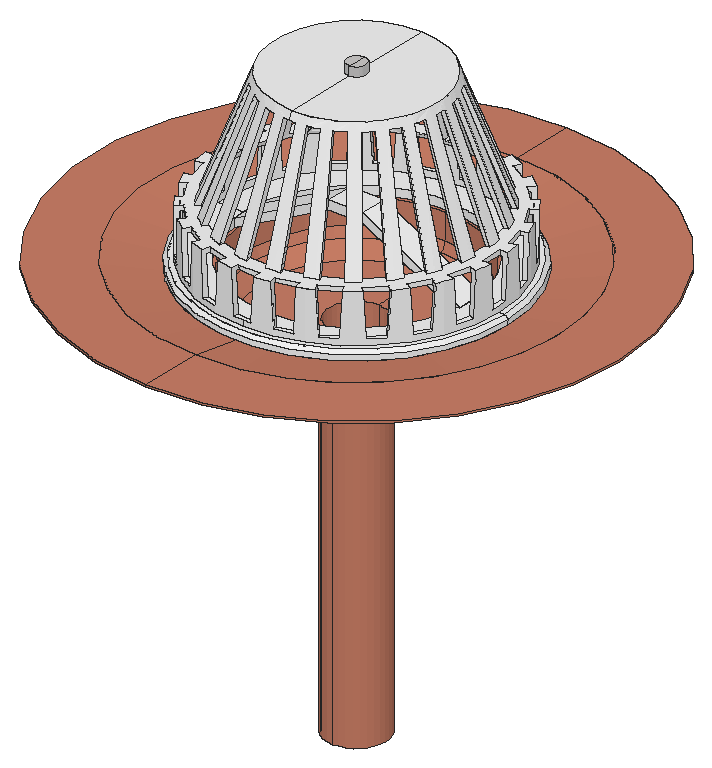
Revit family "Plumbing_Drainage_Menzies-Metal_Clamp-Tite_Copper-Drain_Small-Bowl (1)", category Plumbing Fixtures, host Face, Revit 2018
Family settings
  Host = Face
  Round Connector Dimension = Use Diameter
  Part Type = Normal
  OmniClass Number = 23.70.50.21.24.11
  OmniClass Title = Roof Waste Water Drains
  Cut with Voids When Loaded = No
  Shared = No
  Room Calculation Point = No
Parameters (values of type "2"")
  Weight = 4.05 lbf
  URL = "https://www.menzies-metal.com/"
  Product data url = "https://bimobject.com/menzies-metal/product/clamptite-copper-smallbowl"
  Product Material = Metal - Menzies Metal Products - Copper
  Product Guid = "76b443be-9627-40ef-aff5-f8327594387a"
  Pipe Length Note = "Longer pipes available.  Pipes can be field cut to the desired length."  # constant formula
  Pipe Length = 0' - 10 7/8"
  Pipe Diameter = 1 3/4"
  Model = "300-3150"
  Manufacturer = "Menzies Metal Products"  # constant formula
  Edition number = 1
  Drain Flow = 0 GPM
  Description = "Clamp-Tite Spun Copper Drain Small Bowl"  # constant formula
  Default Elevation = 4' - 0"
  Assembly Code = "D2040200"
Types (3): name | Weight | Pipe Diameter | Model
  2" | 4.05 lbf | 1 3/4" | "300-3150"
  3" | 4.95 lbf | 2 3/4" | "300-3155"
  4" | 5.50 lbf | 3 3/4" | "300-3160"
Reference planes (in)
  plane 1 "Center (Front/Back)": y = 0
  plane 2: z = 0
  plane 3 "Center (Left/Right)": x = 0
  plane 4: z = -12.545
  plane 5: y = 0.875
  plane 6: y = -0.875
  plane 7: y = 0.40591
  plane 8: y = -0.40591
  plane 9: z = -1.67
  plane 10: z = 0.05867
Forms (in)
  Revolve 1, solid, material "Metal - Menzies Metal Products - Aluminum", detail levels coarse
    sketch origin (0, 0, 0) x (0, 1, 0) y (0, 0, 1)
      loop
        line (2.40013, 4.98) -> (0, 4.98) -> (0, 0.05387) -> (4.23823, 0.05387) -> (4.23823, 1.48) -> (3.74365, 1.48) -> (2.40013, 4.98)
      axis (0, 4.98) -> (0, 0.05387)
    angle from 0 to 360
  Revolve 2, solid, material "Metal - Menzies Metal Products - Copper" <- "Product Material", detail levels coarse
    sketch origin (0, 0, 0) x (0, 1, 0) y (0, 0, 1)
      loop
        line (7.812, 0.05) -> (0, 0.05) -> (0, -12.545) -> (0.875, -12.545) -> (0.875, -1.67) -> (2.81, -1.67) -> (3.34368, -1.13632) -> (3.34368, -0.25) -> (4.5, -0.25) -> (6, 0) -> (7.812, 0) -> (7.812, 0.05)
      axis (0, 0.05) -> (0, -12.545)
    angle from 0 to 360
  Revolve 3, solid, material "Metal - Menzies Metal Products - Stainless Steel", detail levels medium+fine
    sketch origin (0, 0, 0) x (0, 1, 0) y (0, 0, 1)
      loop
        line (0.27255, 5.23) -> (0, 5.23) -> (0, 0.98) -> (0.11813, 0.98) -> (0.11813, 4.98) -> (0.27255, 4.98) -> (0.27255, 5.23)
      axis (0, 5.23) -> (0, 0.98)
    angle from 0 to 360
  Revolve 4, solid, material "Metal - Menzies Metal Products - Aluminum", detail levels medium+fine
    sketch origin (0, 0, 0) x (0, 1, 0) y (0, 0, 1)
      loop
        line (2.40013, 4.98) -> (0, 4.98) -> (0, 4.855) -> (2.31422, 4.855) -> (3.65774, 1.355) -> (4.11323, 1.355) -> (4.11323, 0.05387) -> (4.23823, 0.05387) -> (4.23823, 1.48) -> (3.74365, 1.48) -> (2.40013, 4.98)
      axis (0, 4.98) -> (0, 0.05387)
    angle from 0 to 360
  Extrusion 5, void
    sketch origin (0, 0, 0) x (-1, 0, 0) y (0, 0, 1)
      loop
        line (0.17396, 4.76) -> (-0.17396, 4.76) -> (-0.2885, 1.48) -> (0.2885, 1.48) -> (0.17396, 4.76)
    from -4.68215 to -1.5
  Extrusion 6, void
    sketch origin (0, 0, 0) x (1, 0, 0) y (0, 0, 1)
      loop
        line (-0.25077, 0.23171) -> (0.25077, 0.23171) -> (0.31619, 1.48) -> (-0.31619, 1.48) -> (-0.25077, 0.23171)
    from 4.0004 to 4.40138
  Extrusion 7, void
    sketch origin (0, 0, 0) x (-0.965926, -0.258819, 0) y (0, 0, 1)
      loop
        line (0.17396, 4.76) -> (-0.17396, 4.76) -> (-0.2885, 1.48) -> (0.2885, 1.48) -> (0.17396, 4.76)
    from -4.68215 to -1.5
  Extrusion 8, void
    sketch origin (0, 0, 0) x (0.965926, 0.258819, 0) y (0, 0, 1)
      loop
        line (-0.25077, 0.23171) -> (0.25077, 0.23171) -> (0.31619, 1.48) -> (-0.31619, 1.48) -> (-0.25077, 0.23171)
    from 4.0004 to 4.40138
  Extrusion 9, void
    sketch origin (0, 0, 0) x (-0.866025, -0.5, 0) y (0, 0, 1)
      loop
        line (0.17396, 4.76) -> (-0.17396, 4.76) -> (-0.2885, 1.48) -> (0.2885, 1.48) -> (0.17396, 4.76)
    from -4.68215 to -1.5
  Extrusion 10, void
    sketch origin (0, 0, 0) x (0.866025, 0.5, 0) y (0, 0, 1)
      loop
        line (-0.25077, 0.23171) -> (0.25077, 0.23171) -> (0.31619, 1.48) -> (-0.31619, 1.48) -> (-0.25077, 0.23171)
    from 4.0004 to 4.40138
  Extrusion 11, void
    sketch origin (0, 0, 0) x (-0.707107, -0.707107, 0) y (0, 0, 1)
      loop
        line (0.17396, 4.76) -> (-0.17396, 4.76) -> (-0.2885, 1.48) -> (0.2885, 1.48) -> (0.17396, 4.76)
    from -4.68215 to -1.5
  Extrusion 12, void
    sketch origin (0, 0, 0) x (0.707107, 0.707107, 0) y (0, 0, 1)
      loop
        line (-0.25077, 0.23171) -> (0.25077, 0.23171) -> (0.31619, 1.48) -> (-0.31619, 1.48) -> (-0.25077, 0.23171)
    from 4.0004 to 4.40138
  Extrusion 13, void
    sketch origin (0, 0, 0) x (-0.5, -0.866025, 0) y (0, 0, 1)
      loop
        line (0.17396, 4.76) -> (-0.17396, 4.76) -> (-0.2885, 1.48) -> (0.2885, 1.48) -> (0.17396, 4.76)
    from -4.68215 to -1.5
  Extrusion 14, void
    sketch origin (0, 0, 0) x (0.5, 0.866025, 0) y (0, 0, 1)
      loop
        line (-0.25077, 0.23171) -> (0.25077, 0.23171) -> (0.31619, 1.48) -> (-0.31619, 1.48) -> (-0.25077, 0.23171)
    from 4.0004 to 4.40138
  Extrusion 15, void
    sketch origin (0, 0, 0) x (-0.258819, -0.965926, 0) y (0, 0, 1)
      loop
        line (0.17396, 4.76) -> (-0.17396, 4.76) -> (-0.2885, 1.48) -> (0.2885, 1.48) -> (0.17396, 4.76)
    from -4.68215 to -1.5
  Extrusion 16, void
    sketch origin (0, 0, 0) x (0.258819, 0.965926, 0) y (0, 0, 1)
      loop
        line (-0.25077, 0.23171) -> (0.25077, 0.23171) -> (0.31619, 1.48) -> (-0.31619, 1.48) -> (-0.25077, 0.23171)
    from 4.0004 to 4.40138
  Extrusion 17, void
    sketch origin (0, 0, 0) x (0, -1, 0) y (0, 0, 1)
      loop
        line (0.17396, 4.76) -> (-0.17396, 4.76) -> (-0.2885, 1.48) -> (0.2885, 1.48) -> (0.17396, 4.76)
    from -4.68215 to -1.5
  Extrusion 18, void
    sketch origin (0, 0, 0) x (0, 1, 0) y (0, 0, 1)
      loop
        line (-0.25077, 0.23171) -> (0.25077, 0.23171) -> (0.31619, 1.48) -> (-0.31619, 1.48) -> (-0.25077, 0.23171)
    from 4.0004 to 4.40138
  Extrusion 19, void
    sketch origin (0, 0, 0) x (0.258819, -0.965926, 0) y (0, 0, 1)
      loop
        line (0.17396, 4.76) -> (-0.17396, 4.76) -> (-0.2885, 1.48) -> (0.2885, 1.48) -> (0.17396, 4.76)
    from -4.68215 to -1.5
  Extrusion 20, void
    sketch origin (0, 0, 0) x (-0.258819, 0.965926, 0) y (0, 0, 1)
      loop
        line (-0.25077, 0.23171) -> (0.25077, 0.23171) -> (0.31619, 1.48) -> (-0.31619, 1.48) -> (-0.25077, 0.23171)
    from 4.0004 to 4.40138
  Extrusion 21, void
    sketch origin (0, 0, 0) x (0.5, -0.866025, 0) y (0, 0, 1)
      loop
        line (0.17396, 4.76) -> (-0.17396, 4.76) -> (-0.2885, 1.48) -> (0.2885, 1.48) -> (0.17396, 4.76)
    from -4.68215 to -1.5
  Extrusion 22, void
    sketch origin (0, 0, 0) x (-0.5, 0.866025, 0) y (0, 0, 1)
      loop
        line (-0.25077, 0.23171) -> (0.25077, 0.23171) -> (0.31619, 1.48) -> (-0.31619, 1.48) -> (-0.25077, 0.23171)
    from 4.0004 to 4.40138
  Extrusion 23, void
    sketch origin (0, 0, 0) x (0.707107, -0.707107, 0) y (0, 0, 1)
      loop
        line (0.17396, 4.76) -> (-0.17396, 4.76) -> (-0.2885, 1.48) -> (0.2885, 1.48) -> (0.17396, 4.76)
    from -4.68215 to -1.5
  Extrusion 24, void
    sketch origin (0, 0, 0) x (-0.707107, 0.707107, 0) y (0, 0, 1)
      loop
        line (-0.25077, 0.23171) -> (0.25077, 0.23171) -> (0.31619, 1.48) -> (-0.31619, 1.48) -> (-0.25077, 0.23171)
    from 4.0004 to 4.40138
  Extrusion 25, void
    sketch origin (0, 0, 0) x (0.866025, -0.5, 0) y (0, 0, 1)
      loop
        line (0.17396, 4.76) -> (-0.17396, 4.76) -> (-0.2885, 1.48) -> (0.2885, 1.48) -> (0.17396, 4.76)
    from -4.68215 to -1.5
  Extrusion 26, void
    sketch origin (0, 0, 0) x (-0.866025, 0.5, 0) y (0, 0, 1)
      loop
        line (-0.25077, 0.23171) -> (0.25077, 0.23171) -> (0.31619, 1.48) -> (-0.31619, 1.48) -> (-0.25077, 0.23171)
    from 4.0004 to 4.40138
  Extrusion 27, void
    sketch origin (0, 0, 0) x (0.965926, -0.258819, 0) y (0, 0, 1)
      loop
        line (0.17396, 4.76) -> (-0.17396, 4.76) -> (-0.2885, 1.48) -> (0.2885, 1.48) -> (0.17396, 4.76)
    from -4.68215 to -1.5
  Extrusion 28, void
    sketch origin (0, 0, 0) x (-0.965926, 0.258819, 0) y (0, 0, 1)
      loop
        line (-0.25077, 0.23171) -> (0.25077, 0.23171) -> (0.31619, 1.48) -> (-0.31619, 1.48) -> (-0.25077, 0.23171)
    from 4.0004 to 4.40138
  Extrusion 29, void
    sketch origin (0, 0, 0) x (1, 0, 0) y (0, 0, 1)
      loop
        line (0.17396, 4.76) -> (-0.17396, 4.76) -> (-0.2885, 1.48) -> (0.2885, 1.48) -> (0.17396, 4.76)
    from -4.68215 to -1.5
  Extrusion 30, void
    sketch origin (0, 0, 0) x (-1, 0, 0) y (0, 0, 1)
      loop
        line (-0.25077, 0.23171) -> (0.25077, 0.23171) -> (0.31619, 1.48) -> (-0.31619, 1.48) -> (-0.25077, 0.23171)
    from 4.0004 to 4.40138
  Extrusion 31, void
    sketch origin (0, 0, 0) x (0.965926, 0.258819, 0) y (0, 0, 1)
      loop
        line (0.17396, 4.76) -> (-0.17396, 4.76) -> (-0.2885, 1.48) -> (0.2885, 1.48) -> (0.17396, 4.76)
    from -4.68215 to -1.5
  Extrusion 32, void
    sketch origin (0, 0, 0) x (-0.965926, -0.258819, 0) y (0, 0, 1)
      loop
        line (-0.25077, 0.23171) -> (0.25077, 0.23171) -> (0.31619, 1.48) -> (-0.31619, 1.48) -> (-0.25077, 0.23171)
    from 4.0004 to 4.40138
  Extrusion 33, void
    sketch origin (0, 0, 0) x (0.866025, 0.5, 0) y (0, 0, 1)
      loop
        line (0.17396, 4.76) -> (-0.17396, 4.76) -> (-0.2885, 1.48) -> (0.2885, 1.48) -> (0.17396, 4.76)
    from -4.68215 to -1.5
  Extrusion 34, void
    sketch origin (0, 0, 0) x (-0.866025, -0.5, 0) y (0, 0, 1)
      loop
        line (-0.25077, 0.23171) -> (0.25077, 0.23171) -> (0.31619, 1.48) -> (-0.31619, 1.48) -> (-0.25077, 0.23171)
    from 4.0004 to 4.40138
  Extrusion 35, void
    sketch origin (0, 0, 0) x (0.707107, 0.707107, 0) y (0, 0, 1)
      loop
        line (0.17396, 4.76) -> (-0.17396, 4.76) -> (-0.2885, 1.48) -> (0.2885, 1.48) -> (0.17396, 4.76)
    from -4.68215 to -1.5
  Extrusion 36, void
    sketch origin (0, 0, 0) x (-0.707107, -0.707107, 0) y (0, 0, 1)
      loop
        line (-0.25077, 0.23171) -> (0.25077, 0.23171) -> (0.31619, 1.48) -> (-0.31619, 1.48) -> (-0.25077, 0.23171)
    from 4.0004 to 4.40138
  Extrusion 37, void
    sketch origin (0, 0, 0) x (0.5, 0.866025, 0) y (0, 0, 1)
      loop
        line (0.17396, 4.76) -> (-0.17396, 4.76) -> (-0.2885, 1.48) -> (0.2885, 1.48) -> (0.17396, 4.76)
    from -4.68215 to -1.5
  Extrusion 38, void
    sketch origin (0, 0, 0) x (-0.5, -0.866025, 0) y (0, 0, 1)
      loop
        line (-0.25077, 0.23171) -> (0.25077, 0.23171) -> (0.31619, 1.48) -> (-0.31619, 1.48) -> (-0.25077, 0.23171)
    from 4.0004 to 4.40138
  Extrusion 39, void
    sketch origin (0, 0, 0) x (0.258819, 0.965926, 0) y (0, 0, 1)
      loop
        line (0.17396, 4.76) -> (-0.17396, 4.76) -> (-0.2885, 1.48) -> (0.2885, 1.48) -> (0.17396, 4.76)
    from -4.68215 to -1.5
  Extrusion 40, void
    sketch origin (0, 0, 0) x (-0.258819, -0.965926, 0) y (0, 0, 1)
      loop
        line (-0.25077, 0.23171) -> (0.25077, 0.23171) -> (0.31619, 1.48) -> (-0.31619, 1.48) -> (-0.25077, 0.23171)
    from 4.0004 to 4.40138
  Extrusion 41, void
    sketch origin (0, 0, 0) x (0, 1, 0) y (0, 0, 1)
      loop
        line (0.17396, 4.76) -> (-0.17396, 4.76) -> (-0.2885, 1.48) -> (0.2885, 1.48) -> (0.17396, 4.76)
    from -4.68215 to -1.5
  Extrusion 42, void
    sketch origin (0, 0, 0) x (0, -1, 0) y (0, 0, 1)
      loop
        line (-0.25077, 0.23171) -> (0.25077, 0.23171) -> (0.31619, 1.48) -> (-0.31619, 1.48) -> (-0.25077, 0.23171)
    from 4.0004 to 4.40138
  Extrusion 43, void
    sketch origin (0, 0, 0) x (-0.258819, 0.965926, 0) y (0, 0, 1)
      loop
        line (0.17396, 4.76) -> (-0.17396, 4.76) -> (-0.2885, 1.48) -> (0.2885, 1.48) -> (0.17396, 4.76)
    from -4.68215 to -1.5
  Extrusion 44, void
    sketch origin (0, 0, 0) x (0.258819, -0.965926, 0) y (0, 0, 1)
      loop
        line (-0.25077, 0.23171) -> (0.25077, 0.23171) -> (0.31619, 1.48) -> (-0.31619, 1.48) -> (-0.25077, 0.23171)
    from 4.0004 to 4.40138
  Extrusion 45, void
    sketch origin (0, 0, 0) x (-0.5, 0.866025, 0) y (0, 0, 1)
      loop
        line (0.17396, 4.76) -> (-0.17396, 4.76) -> (-0.2885, 1.48) -> (0.2885, 1.48) -> (0.17396, 4.76)
    from -4.68215 to -1.5
  Extrusion 46, void
    sketch origin (0, 0, 0) x (0.5, -0.866025, 0) y (0, 0, 1)
      loop
        line (-0.25077, 0.23171) -> (0.25077, 0.23171) -> (0.31619, 1.48) -> (-0.31619, 1.48) -> (-0.25077, 0.23171)
    from 4.0004 to 4.40138
  Extrusion 47, void
    sketch origin (0, 0, 0) x (-0.707107, 0.707107, 0) y (0, 0, 1)
      loop
        line (0.17396, 4.76) -> (-0.17396, 4.76) -> (-0.2885, 1.48) -> (0.2885, 1.48) -> (0.17396, 4.76)
    from -4.68215 to -1.5
  Extrusion 48, void
    sketch origin (0, 0, 0) x (0.707107, -0.707107, 0) y (0, 0, 1)
      loop
        line (-0.25077, 0.23171) -> (0.25077, 0.23171) -> (0.31619, 1.48) -> (-0.31619, 1.48) -> (-0.25077, 0.23171)
    from 4.0004 to 4.40138
  Extrusion 49, void
    sketch origin (0, 0, 0) x (-0.866025, 0.5, 0) y (0, 0, 1)
      loop
        line (0.17396, 4.76) -> (-0.17396, 4.76) -> (-0.2885, 1.48) -> (0.2885, 1.48) -> (0.17396, 4.76)
    from -4.68215 to -1.5
  Extrusion 50, void
    sketch origin (0, 0, 0) x (0.866025, -0.5, 0) y (0, 0, 1)
      loop
        line (-0.25077, 0.23171) -> (0.25077, 0.23171) -> (0.31619, 1.48) -> (-0.31619, 1.48) -> (-0.25077, 0.23171)
    from 4.0004 to 4.40138
  Extrusion 51, void
    sketch origin (0, 0, 0) x (-0.965926, 0.258819, 0) y (0, 0, 1)
      loop
        line (0.17396, 4.76) -> (-0.17396, 4.76) -> (-0.2885, 1.48) -> (0.2885, 1.48) -> (0.17396, 4.76)
    from -4.68215 to -1.5
  Extrusion 52, void
    sketch origin (0, 0, 0) x (0.965926, -0.258819, 0) y (0, 0, 1)
      loop
        line (-0.25077, 0.23171) -> (0.25077, 0.23171) -> (0.31619, 1.48) -> (-0.31619, 1.48) -> (-0.25077, 0.23171)
    from 4.0004 to 4.40138
  Extrusion 53, solid, material "Metal - Menzies Metal Products - Aluminum", detail levels medium+fine
    sketch origin (0, 0, 0) x (1, 0, 0) y (0, 0, 1)
      loop
        line (-3.375, 0.05) -> (-3.375, -0.19772) -> (-0.50436, 1.3) -> (0.50436, 1.3) -> (3.375, -0.19772) -> (3.375, 0.05) -> (0.5, 1.55) -> (-0.5, 1.55) -> (-3.375, 0.05)
    from -0.40591 to 0.40591
  Revolve 54, solid, material "Metal - Menzies Metal Products - Aluminum", detail levels medium+fine
    sketch origin (0, 0, 0) x (1, 0, 0) y (0, 0, 1)
      loop
        line (-3.375, -0.19772) -> (-3.375, 0.05) -> (-4.39127, 0.05) -> (-4.4953, -0.05403) -> (-4.50032, -0.19772) -> (-3.375, -0.19772)
      axis (0, 0.05) -> (0, -0.19772)
    angle from 0 to 360
  Revolve 55, solid, material "Metal - Menzies Metal Products - Copper" <- "Product Material", detail levels medium+fine
    sketch origin (0, 0, 0) x (0, 1, 0) y (0, 0, 1)
      loop
        line (0.875, -1.67) -> (2.81, -1.67) -> (3.21315, -1.26685) -> (3.34462, -0.98037) -> (3.34462, -0.25) -> (4.5, -0.25) -> (6, 0) -> (7.812, 0) -> (7.812, 0.05) -> (5.98665, 0.05) -> (4.50032, -0.19772) -> (3.28212, -0.19772) -> (3.28212, -0.96671) -> (3.16103, -1.23058) -> (2.78411, -1.6075) -> (0.82422, -1.6075) -> (0.82422, -12.545) -> (0.875, -12.545) -> (0.875, -1.67)
      axis (0, 0.05) -> (0, -12.545)
    angle from 0 to 360
  Revolve 56, void
    sketch origin (0, 0, 0) x (0, 1, 0) y (0, 0, 1)
      loop
        line (0.875, -12.545) -> (0.875, -1.67) -> (3.34469, -1.67) -> (3.34469, -0.57934) -> (6, 0) -> (0, 0) -> (0, -12.545) -> (0.875, -12.545)
      axis (0, 0) -> (0, -12.545)
    angle from 0 to 360
Cuts and joins
  Extrusion 5, Extrusion 6, Extrusion 7, Extrusion 8, Extrusion 9, Extrusion 10, Extrusion 11, Extrusion 12, Extrusion 13, Extrusion 14, Extrusion 15, Extrusion 16, Extrusion 17, Extrusion 18, Extrusion 19, Extrusion 20, Extrusion 21, Extrusion 22, Extrusion 23, Extrusion 24, Extrusion 25, Extrusion 26, Extrusion 27, Extrusion 28, Extrusion 29, Extrusion 30, Extrusion 31, Extrusion 32, Extrusion 33, Extrusion 34, Extrusion 35, Extrusion 36, Extrusion 37, Extrusion 38, Extrusion 39, Extrusion 40, Extrusion 41, Extrusion 42, Extrusion 43, Extrusion 44, Extrusion 45, Extrusion 46, Extrusion 47, Extrusion 48, Extrusion 49, Extrusion 50, Extrusion 51, Extrusion 52 cuts Revolve 4
Lines and regions (in)
  Masking region 1
    outline origin (0, 0, 0) x (1, 0, 0) y (0, 1, 0)
      loop
        circle (0, 0) r 7.812
  symbolic lines, detail levels medium+fine
    curve 1: arc (4.39127, 0, 0) -> (0, 4.39127, 0) -> (-4.39127, 0, 0) r 4.39127
    curve 2: arc (-4.39127, 0, 0) -> (0, -4.39127, 0) -> (4.39127, 0, 0) r 4.39127
  symbolic lines, style "PlumbingFixturesHiddenLines", detail levels medium+fine
    curve 3: arc (0, -0.875, 0) -> (0.875, 0, 0) -> (0, 0.875, 0) r 0.875
    curve 4: arc (0, 0.875, 0) -> (-0.875, 0, 0) -> (0, -0.875, 0) r 0.875
Dimensions and locks (in)
  Revolve 1 sketch curve to Revolve 1 sketch curve to Revolve 1 sketch curve to Revolve 1 sketch curve = 0' - 0.49457" locked, 0' - 1.34352" locked, 0' - 2.40013" locked
  Revolve 1 sketch curve to Revolve 1 sketch curve to Revolve 1 sketch curve to level = 0' - 3 1/2" locked, 0' - 1.42613" locked, 0' - 0.05387" locked
  equal spacing: plane 5, plane 1 "Center (Front/Back)", plane 6
  "Pipe Diameter": plane 5 to plane 6
  Revolve 3 sketch curve to Revolve 3 sketch curve to Revolve 3 sketch curve to Revolve 3 sketch curve = 0' - 0.15442", 0' - 0.11813" locked, 0' - 0" locked
  Revolve 3 sketch curve to Revolve 3 sketch curve to Revolve 3 sketch curve to plane 2 = 0' - 0 1/4" locked, 0' - 4" locked, 0' - 0.98" locked
  Revolve 4 sketch curve to Revolve 4 sketch curve to Revolve 4 sketch curve to Revolve 4 sketch curve to Revolve 4 sketch curve to Revolve 4 sketch curve to plane 1 "Center (Front/Back)" = 0' - 0 1/8" locked, 0' - 0.36957" locked, 0' - 0.08591" locked, 0' - 1.25761" locked, 0' - 0.08591" locked, 0' - 2.31422" locked
  Revolve 4 sketch curve to Revolve 4 sketch curve to level = 0' - 3 1/2" locked, 0' - 1.355" locked
  Extrusion 5 sketch curve to Extrusion 5 sketch curve to Extrusion 5 sketch curve to Extrusion 5 sketch curve = 0' - 0.11454", 0' - 0.34792" locked, 0' - 0.11454"
  locked: Extrusion 5 sketch curve to Extrusion 5 sketch curve at 3.28
  Extrusion 6 sketch curve to Extrusion 6 sketch curve to Extrusion 6 sketch curve to Extrusion 6 sketch curve = 0' - 0.06542" locked, 0' - 0.50155" locked, 0' - 0.06542" locked
  locked: Extrusion 6 sketch curve to Extrusion 6 sketch curve at 1.24829
  Extrusion 7 sketch curve to Extrusion 7 sketch curve to Extrusion 7 sketch curve to Extrusion 7 sketch curve = 0' - 0.11454", 0' - 0.34792" locked, 0' - 0.11454"
  locked: Extrusion 7 sketch curve to Extrusion 7 sketch curve at 3.28
  Extrusion 8 sketch curve to Extrusion 8 sketch curve to Extrusion 8 sketch curve to Extrusion 8 sketch curve = 0' - 0.06542" locked, 0' - 0.50155" locked, 0' - 0.06542" locked
  locked: Extrusion 8 sketch curve to Extrusion 8 sketch curve at 1.24829
  Extrusion 9 sketch curve to Extrusion 9 sketch curve to Extrusion 9 sketch curve to Extrusion 9 sketch curve = 0' - 0.11454", 0' - 0.34792" locked, 0' - 0.11454"
  locked: Extrusion 9 sketch curve to Extrusion 9 sketch curve at 3.28
  Extrusion 10 sketch curve to Extrusion 10 sketch curve to Extrusion 10 sketch curve to Extrusion 10 sketch curve = 0' - 0.06542" locked, 0' - 0.50155" locked, 0' - 0.06542" locked
  locked: Extrusion 10 sketch curve to Extrusion 10 sketch curve at 1.24829
  Extrusion 11 sketch curve to Extrusion 11 sketch curve to Extrusion 11 sketch curve to Extrusion 11 sketch curve = 0' - 0.11454", 0' - 0.34792" locked, 0' - 0.11454"
  locked: Extrusion 11 sketch curve to Extrusion 11 sketch curve at 3.28
  Extrusion 12 sketch curve to Extrusion 12 sketch curve to Extrusion 12 sketch curve to Extrusion 12 sketch curve = 0' - 0.06542" locked, 0' - 0.50155" locked, 0' - 0.06542" locked
  locked: Extrusion 12 sketch curve to Extrusion 12 sketch curve at 1.24829
  Extrusion 13 sketch curve to Extrusion 13 sketch curve to Extrusion 13 sketch curve to Extrusion 13 sketch curve = 0' - 0.11454", 0' - 0.34792" locked, 0' - 0.11454"
  locked: Extrusion 13 sketch curve to Extrusion 13 sketch curve at 3.28
  Extrusion 14 sketch curve to Extrusion 14 sketch curve to Extrusion 14 sketch curve to Extrusion 14 sketch curve = 0' - 0.06542" locked, 0' - 0.50155" locked, 0' - 0.06542" locked
  locked: Extrusion 14 sketch curve to Extrusion 14 sketch curve at 1.24829
  Extrusion 15 sketch curve to Extrusion 15 sketch curve to Extrusion 15 sketch curve to Extrusion 15 sketch curve = 0' - 0.11454", 0' - 0.34792" locked, 0' - 0.11454"
  locked: Extrusion 15 sketch curve to Extrusion 15 sketch curve at 3.28
  Extrusion 16 sketch curve to Extrusion 16 sketch curve to Extrusion 16 sketch curve to Extrusion 16 sketch curve = 0' - 0.06542" locked, 0' - 0.50155" locked, 0' - 0.06542" locked
  locked: Extrusion 16 sketch curve to Extrusion 16 sketch curve at 1.24829
  Extrusion 17 sketch curve to Extrusion 17 sketch curve to Extrusion 17 sketch curve to Extrusion 17 sketch curve = 0' - 0.11454", 0' - 0.34792" locked, 0' - 0.11454"
  locked: Extrusion 17 sketch curve to Extrusion 17 sketch curve at 3.28
  Extrusion 18 sketch curve to Extrusion 18 sketch curve to Extrusion 18 sketch curve to Extrusion 18 sketch curve = 0' - 0.06542" locked, 0' - 0.50155" locked, 0' - 0.06542" locked
  locked: Extrusion 18 sketch curve to Extrusion 18 sketch curve at 1.24829
  Extrusion 19 sketch curve to Extrusion 19 sketch curve to Extrusion 19 sketch curve to Extrusion 19 sketch curve = 0' - 0.11454", 0' - 0.34792" locked, 0' - 0.11454"
  locked: Extrusion 19 sketch curve to Extrusion 19 sketch curve at 3.28
  Extrusion 20 sketch curve to Extrusion 20 sketch curve to Extrusion 20 sketch curve to Extrusion 20 sketch curve = 0' - 0.06542" locked, 0' - 0.50155" locked, 0' - 0.06542" locked
  locked: Extrusion 20 sketch curve to Extrusion 20 sketch curve at 1.24829
  Extrusion 21 sketch curve to Extrusion 21 sketch curve to Extrusion 21 sketch curve to Extrusion 21 sketch curve = 0' - 0.11454", 0' - 0.34792" locked, 0' - 0.11454"
  locked: Extrusion 21 sketch curve to Extrusion 21 sketch curve at 3.28
  Extrusion 22 sketch curve to Extrusion 22 sketch curve to Extrusion 22 sketch curve to Extrusion 22 sketch curve = 0' - 0.06542" locked, 0' - 0.50155" locked, 0' - 0.06542" locked
  locked: Extrusion 22 sketch curve to Extrusion 22 sketch curve at 1.24829
  Extrusion 23 sketch curve to Extrusion 23 sketch curve to Extrusion 23 sketch curve to Extrusion 23 sketch curve = 0' - 0.11454", 0' - 0.34792" locked, 0' - 0.11454"
  locked: Extrusion 23 sketch curve to Extrusion 23 sketch curve at 3.28
  Extrusion 24 sketch curve to Extrusion 24 sketch curve to Extrusion 24 sketch curve to Extrusion 24 sketch curve = 0' - 0.06542" locked, 0' - 0.50155" locked, 0' - 0.06542" locked
  locked: Extrusion 24 sketch curve to Extrusion 24 sketch curve at 1.24829
  Extrusion 25 sketch curve to Extrusion 25 sketch curve to Extrusion 25 sketch curve to Extrusion 25 sketch curve = 0' - 0.11454", 0' - 0.34792" locked, 0' - 0.11454"
  locked: Extrusion 25 sketch curve to Extrusion 25 sketch curve at 3.28
  Extrusion 26 sketch curve to Extrusion 26 sketch curve to Extrusion 26 sketch curve to Extrusion 26 sketch curve = 0' - 0.06542" locked, 0' - 0.50155" locked, 0' - 0.06542" locked
  locked: Extrusion 26 sketch curve to Extrusion 26 sketch curve at 1.24829
  Extrusion 27 sketch curve to Extrusion 27 sketch curve to Extrusion 27 sketch curve to Extrusion 27 sketch curve = 0' - 0.11454", 0' - 0.34792" locked, 0' - 0.11454"
  locked: Extrusion 27 sketch curve to Extrusion 27 sketch curve at 3.28
  Extrusion 28 sketch curve to Extrusion 28 sketch curve to Extrusion 28 sketch curve to Extrusion 28 sketch curve = 0' - 0.06542" locked, 0' - 0.50155" locked, 0' - 0.06542" locked
  locked: Extrusion 28 sketch curve to Extrusion 28 sketch curve at 1.24829
  Extrusion 29 sketch curve to Extrusion 29 sketch curve to Extrusion 29 sketch curve to Extrusion 29 sketch curve = 0' - 0.11454", 0' - 0.34792" locked, 0' - 0.11454"
  locked: Extrusion 29 sketch curve to Extrusion 29 sketch curve at 3.28
  Extrusion 30 sketch curve to Extrusion 30 sketch curve to Extrusion 30 sketch curve to Extrusion 30 sketch curve = 0' - 0.06542" locked, 0' - 0.50155" locked, 0' - 0.06542" locked
  locked: Extrusion 30 sketch curve to Extrusion 30 sketch curve at 1.24829
  Extrusion 31 sketch curve to Extrusion 31 sketch curve to Extrusion 31 sketch curve to Extrusion 31 sketch curve = 0' - 0.11454", 0' - 0.34792" locked, 0' - 0.11454"
  locked: Extrusion 31 sketch curve to Extrusion 31 sketch curve at 3.28
  Extrusion 32 sketch curve to Extrusion 32 sketch curve to Extrusion 32 sketch curve to Extrusion 32 sketch curve = 0' - 0.06542" locked, 0' - 0.50155" locked, 0' - 0.06542" locked
  locked: Extrusion 32 sketch curve to Extrusion 32 sketch curve at 1.24829
  Extrusion 33 sketch curve to Extrusion 33 sketch curve to Extrusion 33 sketch curve to Extrusion 33 sketch curve = 0' - 0.11454", 0' - 0.34792" locked, 0' - 0.11454"
  locked: Extrusion 33 sketch curve to Extrusion 33 sketch curve at 3.28
  Extrusion 34 sketch curve to Extrusion 34 sketch curve to Extrusion 34 sketch curve to Extrusion 34 sketch curve = 0' - 0.06542" locked, 0' - 0.50155" locked, 0' - 0.06542" locked
  locked: Extrusion 34 sketch curve to Extrusion 34 sketch curve at 1.24829
  Extrusion 35 sketch curve to Extrusion 35 sketch curve to Extrusion 35 sketch curve to Extrusion 35 sketch curve = 0' - 0.11454", 0' - 0.34792" locked, 0' - 0.11454"
  locked: Extrusion 35 sketch curve to Extrusion 35 sketch curve at 3.28
  Extrusion 36 sketch curve to Extrusion 36 sketch curve to Extrusion 36 sketch curve to Extrusion 36 sketch curve = 0' - 0.06542" locked, 0' - 0.50155" locked, 0' - 0.06542" locked
  locked: Extrusion 36 sketch curve to Extrusion 36 sketch curve at 1.24829
  Extrusion 37 sketch curve to Extrusion 37 sketch curve to Extrusion 37 sketch curve to Extrusion 37 sketch curve = 0' - 0.11454", 0' - 0.34792" locked, 0' - 0.11454"
  locked: Extrusion 37 sketch curve to Extrusion 37 sketch curve at 3.28
  Extrusion 38 sketch curve to Extrusion 38 sketch curve to Extrusion 38 sketch curve to Extrusion 38 sketch curve = 0' - 0.06542" locked, 0' - 0.50155" locked, 0' - 0.06542" locked
  locked: Extrusion 38 sketch curve to Extrusion 38 sketch curve at 1.24829
  Extrusion 39 sketch curve to Extrusion 39 sketch curve to Extrusion 39 sketch curve to Extrusion 39 sketch curve = 0' - 0.11454", 0' - 0.34792" locked, 0' - 0.11454"
  locked: Extrusion 39 sketch curve to Extrusion 39 sketch curve at 3.28
  Extrusion 40 sketch curve to Extrusion 40 sketch curve to Extrusion 40 sketch curve to Extrusion 40 sketch curve = 0' - 0.06542" locked, 0' - 0.50155" locked, 0' - 0.06542" locked
  locked: Extrusion 40 sketch curve to Extrusion 40 sketch curve at 1.24829
  Extrusion 41 sketch curve to Extrusion 41 sketch curve to Extrusion 41 sketch curve to Extrusion 41 sketch curve = 0' - 0.11454", 0' - 0.34792" locked, 0' - 0.11454"
  locked: Extrusion 41 sketch curve to Extrusion 41 sketch curve at 3.28
  Extrusion 42 sketch curve to Extrusion 42 sketch curve to Extrusion 42 sketch curve to Extrusion 42 sketch curve = 0' - 0.06542" locked, 0' - 0.50155" locked, 0' - 0.06542" locked
  locked: Extrusion 42 sketch curve to Extrusion 42 sketch curve at 1.24829
  Extrusion 43 sketch curve to Extrusion 43 sketch curve to Extrusion 43 sketch curve to Extrusion 43 sketch curve = 0' - 0.11454", 0' - 0.34792" locked, 0' - 0.11454"
  locked: Extrusion 43 sketch curve to Extrusion 43 sketch curve at 3.28
  Extrusion 44 sketch curve to Extrusion 44 sketch curve to Extrusion 44 sketch curve to Extrusion 44 sketch curve = 0' - 0.06542" locked, 0' - 0.50155" locked, 0' - 0.06542" locked
  locked: Extrusion 44 sketch curve to Extrusion 44 sketch curve at 1.24829
  Extrusion 45 sketch curve to Extrusion 45 sketch curve to Extrusion 45 sketch curve to Extrusion 45 sketch curve = 0' - 0.11454", 0' - 0.34792" locked, 0' - 0.11454"
  locked: Extrusion 45 sketch curve to Extrusion 45 sketch curve at 3.28
  Extrusion 46 sketch curve to Extrusion 46 sketch curve to Extrusion 46 sketch curve to Extrusion 46 sketch curve = 0' - 0.06542" locked, 0' - 0.50155" locked, 0' - 0.06542" locked
  locked: Extrusion 46 sketch curve to Extrusion 46 sketch curve at 1.24829
  Extrusion 47 sketch curve to Extrusion 47 sketch curve to Extrusion 47 sketch curve to Extrusion 47 sketch curve = 0' - 0.11454", 0' - 0.34792" locked, 0' - 0.11454"
  locked: Extrusion 47 sketch curve to Extrusion 47 sketch curve at 3.28
  Extrusion 48 sketch curve to Extrusion 48 sketch curve to Extrusion 48 sketch curve to Extrusion 48 sketch curve = 0' - 0.06542" locked, 0' - 0.50155" locked, 0' - 0.06542" locked
  locked: Extrusion 48 sketch curve to Extrusion 48 sketch curve at 1.24829
  Extrusion 49 sketch curve to Extrusion 49 sketch curve to Extrusion 49 sketch curve to Extrusion 49 sketch curve = 0' - 0.11454", 0' - 0.34792" locked, 0' - 0.11454"
  locked: Extrusion 49 sketch curve to Extrusion 49 sketch curve at 3.28
  Extrusion 50 sketch curve to Extrusion 50 sketch curve to Extrusion 50 sketch curve to Extrusion 50 sketch curve = 0' - 0.06542" locked, 0' - 0.50155" locked, 0' - 0.06542" locked
  locked: Extrusion 50 sketch curve to Extrusion 50 sketch curve at 1.24829
  Extrusion 51 sketch curve to Extrusion 51 sketch curve to Extrusion 51 sketch curve to Extrusion 51 sketch curve = 0' - 0.11454", 0' - 0.34792" locked, 0' - 0.11454"
  locked: Extrusion 51 sketch curve to Extrusion 51 sketch curve at 3.28
  Extrusion 52 sketch curve to Extrusion 52 sketch curve to Extrusion 52 sketch curve to Extrusion 52 sketch curve = 0' - 0.06542" locked, 0' - 0.50155" locked, 0' - 0.06542" locked
  locked: Extrusion 52 sketch curve to Extrusion 52 sketch curve at 1.24829
  Extrusion 53 sketch curve to Extrusion 53 sketch curve to Extrusion 53 sketch curve to plane 3 "Center (Left/Right)" to Extrusion 53 sketch curve to Extrusion 53 sketch curve to Extrusion 53 sketch curve = 0' - 2.87064" locked, 0' - 0.00436" locked, 0' - 0 1/2" locked, 0' - 0 1/2" locked, 0' - 0.00436" locked, 0' - 2.87064" locked
  Extrusion 53 sketch curve to Extrusion 53 sketch curve to Extrusion 53 sketch curve to Extrusion 53 sketch curve to level to Extrusion 53 sketch curve to Extrusion 53 sketch curve = 0' - 0 1/4" locked, 0' - 1 1/4" locked, 0' - 0" locked, 0' - 0.05" locked, 0' - 0.19772" locked, 0' - 0" locked
  equal spacing: plane 8, plane 1 "Center (Front/Back)", plane 7
  locked: plane 7 to plane 8 at 0.81181
  Revolve 54 sketch curve to level to Revolve 54 sketch curve to Revolve 54 sketch curve = 0' - 0.05" locked, 0' - 0.05403" locked, 0' - 0.1437" locked
  plane 3 "Center (Left/Right)" to Extrusion 53 to Revolve 54 sketch curve to Revolve 54 sketch curve to Revolve 54 sketch curve = 0' - 3 3/8" locked, 0' - 1.01627" locked, 0' - 0.10403" locked, 0' - 0.00502" locked
  locked: plane 5 to Revolve 55 sketch curve at 0.05078
  locked: Revolve 56 sketch curve to Revolve 56 sketch curve at 6
  "Pipe Length": plane 9 to plane 4
  locked: host face to plane 9 at 1.67
  Revolve 55 sketch curve to level to Revolve 55 sketch curve to Revolve 55 sketch curve to Revolve 55 sketch curve to Revolve 55 sketch curve to Revolve 55 sketch curve to Revolve 55 sketch curve to Revolve 55 sketch curve to Revolve 55 sketch curve to Revolve 55 sketch curve = 0' - 0.05" locked, 0' - 0" locked, 0' - 0.19772" locked, 0' - 0.05228" locked, 0' - 0.71671" locked, 0' - 0.01366" locked, 0' - 0.25022" locked, 0' - 0.03626" locked, 0' - 0.34065" locked, 0' - 0 1/16" locked
  Revolve 55 sketch curve to Revolve 55 sketch curve to Revolve 55 sketch curve to Revolve 55 sketch curve to Revolve 55 sketch curve to Revolve 55 sketch curve to Revolve 55 sketch curve to Revolve 55 sketch curve to Revolve 55 sketch curve to Revolve 55 sketch curve to Revolve 55 sketch curve to plane 1 "Center (Front/Back)" = 0' - 1.812" locked, 0' - 0.01335" locked, 0' - 1.48634" locked, 0' - 0.00032" locked, 0' - 1.15538" locked, 0' - 0 1/16" locked, 0' - 0.06897" locked, 0' - 0.05213" locked, 0' - 0.35103" locked, 0' - 0.02589" locked, 0' - 2.78411" locked
  Revolve 2 sketch curve to Revolve 2 sketch curve to Revolve 2 sketch curve to Revolve 2 sketch curve to Revolve 2 sketch curve to plane 1 "Center (Front/Back)" = 0' - 1.812" locked, 0' - 1 1/2" locked, 0' - 1.15632" locked, 0' - 0.53368" locked, 0' - 2.81" locked
  Revolve 2 sketch curve to plane 2 to Revolve 2 sketch curve to Revolve 2 sketch curve to Revolve 2 sketch curve to Revolve 2 sketch curve = 0' - 0.05" locked, 0' - 0" locked, 0' - 0 1/4" locked, 0' - 0.88632" locked, 0' - 0.53368" locked
  Revolve 56 sketch curve to Revolve 56 sketch curve to plane 1 "Center (Front/Back)" = 0' - 2.65531" locked, 0' - 3.34469" locked
  plane 2 to Revolve 56 sketch curve to Revolve 56 sketch curve = 0' - 0.57934" locked, 0' - 1.09066" locked
  aligned and locked: plane 2 to host face
  aligned and locked: level to host face
  aligned and locked: Revolve 2 sketch curve to plane 4
  aligned and locked: Revolve 2 sketch curve to plane 5
  aligned and locked: Revolve 3 sketch curve to plane 1 "Center (Front/Back)"
  aligned and locked: Revolve 4 sketch curve to plane 1 "Center (Front/Back)"
  aligned and locked: Revolve 4 sketch curve to Revolve 1  (x3)
  aligned and locked: plane 1 "Center (Front/Back)" to Revolve 4 sketch curve
  aligned and locked: plane 7 to Extrusion 53
  aligned and locked: Extrusion 53 to plane 8
  aligned and locked: Revolve 54 sketch curve to plane 3 "Center (Left/Right)"
  aligned and locked: Revolve 55 sketch curve to plane 1 "Center (Front/Back)"
  aligned and locked: plane 5 to Revolve 55 sketch curve
  aligned and locked: Revolve 55 sketch curve to plane 4
  aligned and locked: Revolve 56 sketch curve to plane 2
  aligned and locked: Revolve 56 sketch curve to plane 4
  aligned and locked: Revolve 56 sketch curve to plane 5
  aligned and locked: Masking region 1 sketch curve to Revolve 55  (x2)
  aligned and locked: curve 1 to Revolve 54
  aligned and locked: curve 2 to Revolve 54
  aligned and locked: curve 3 to Revolve 55
  aligned and locked: curve 4 to Revolve 55
Automatic sketch dimensions
  host sketch curve to host sketch curve = 8' - 0"  (x2)
  Revolve 1 sketch curve to plane 1 "Center (Front/Back)" = 0' - 0"  (x2)
  Revolve 1 sketch curve to plane 4 = 0' - 7.17947"
  Revolve 1 sketch curve to Revolve 1 sketch curve = 7' - 3.29586"
  Revolve 3 sketch curve to plane 4 = 1' - 8 1/4"
  Revolve 3 sketch curve to Revolve 3 sketch curve = 7' - 3.04586"
  Revolve 4 sketch curve to plane 4 = 1' - 8 1/4"
  Revolve 4 sketch curve to Revolve 4 sketch curve = 7' - 3.29586"
  Revolve 54 sketch curve to Revolve 54 sketch curve = 0' - 1.01627"
  Revolve 54 sketch curve to plane 4 = 1' - 8 1/4"
  level to Revolve 54 sketch curve = 8' - 6.71882"
  level to Extrusion 31 sketch curve = 0' - 1.48"
  level to Extrusion 32 sketch curve = 0' - 1.48"
  level to Extrusion 21 sketch curve = 0' - 1.48"
  level to Extrusion 22 sketch curve = 0' - 1.48"
  Revolve 55 sketch curve to plane 4 = 1' - 8 1/4"
  plane 10 to Revolve 55 sketch curve = 7' - 8.21719"
  Revolve 2 sketch curve to plane 1 "Center (Front/Back)" = 0' - 0"  (x2)
  Revolve 2 sketch curve to plane 4 = 0' - 7.17947"
  plane 10 to Revolve 2 sketch curve = 7' - 8.21719"
  Revolve 56 sketch curve to plane 1 "Center (Front/Back)" = 0' - 0"
  Revolve 56 sketch curve to plane 4 = 1' - 8 1/4"
  plane 10 to Revolve 56 sketch curve = 7' - 8.21719"
Connectors (in)
  piping at (0, 0, -12.545), diameter 1.75, driven by "Drain Flow", driven by "Pipe Diameter"
    settings: on Revolve 55, index 1, connector inside diameter 24", connector length 0' - 0", flow factor 0, pipe flow 0 GPM, pressure drop 0.00 psi, fitting loss kfactor 0, connector angle 0.00°, fixture units 0, engagement length 0' - 0", angle of deflection 0.00°, flow configuration 0, flow direction 2, fitting loss method 0, system type 22, joint type 0, gender type 0, connector reference index -1, connector utility 0, adjustable connector no, is connector primary yes, connector description "Connector for Roof Drain"
